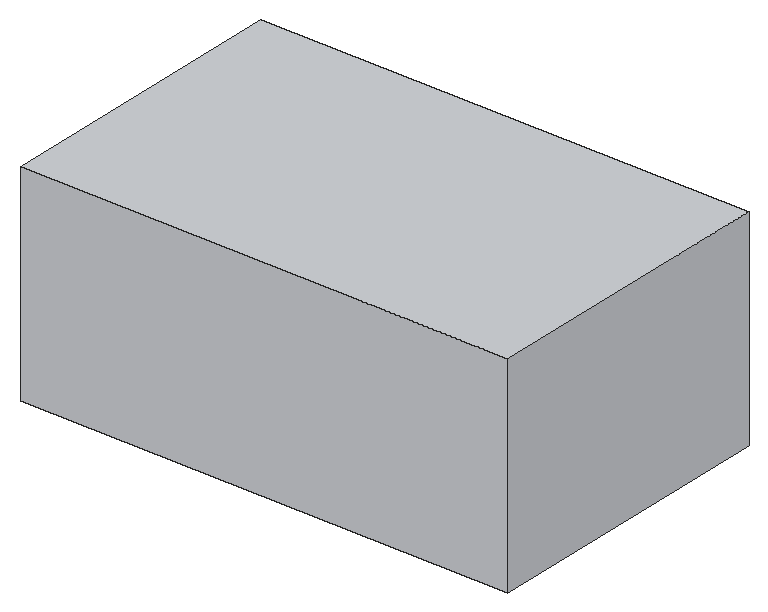
Revit family "Kiste", category Allgemeines Modell, Revit 2017
Family settings
  Kann Basisbauteil für Bewehrung sein = Nein
  Bemaßung runder Anschluss = Durchmesser verwenden
  Teiletyp = Normal
  Arbeitsebenenbasiert = Nein
  Immer vertikal = Ja
  Beim Laden mit Abzugskörper schneiden = Nein
  Gemeinsam genutzt = Nein
  Raumberechnungspunkt = Nein
Parameters
  Länge [instance] = 1788.185 mm
  Höhe [instance] = 768.325 mm
  Breite [instance] = 1099.938 mm
Reference planes
  plane 1 "Mitte (Vorne/hinten)": y = 0
  plane 2: z = 0
  plane 3 "Mitte (Links/rechts)": x = 0
Forms (mm)
  Extrusion 1, solid
    sketch origin (0, 0, 0) x (1, 0, 0) y (0, 1, 0)
      loop
        line (0, -549.969) -> (1788.185, -549.969) -> (1788.185, 549.969) -> (0, 549.969) -> (0, -549.969)
    from 0 to 768.325
Lines and regions (mm)
  reference lines
    curve 1: line (-103.708, 549.969, 0) -> (1896.292, 549.969, 0)
    curve 2: line (-103.708, -549.969, 0) -> (1896.292, -549.969, 0)
    curve 3: line (1788.185, 826.525, 0) -> (1788.185, -973.475, 0)
    curve 4: line (-181.874, 0, 768.325) -> (2138.126, 0, 768.325)
Dimensions and locks
  "Länge": plane 3 "Mitte (Links/rechts)" to curve 3
  "Breite": curve 2 to curve 1
  equal spacing: curve 2, plane 1 "Mitte (Vorne/hinten)", curve 1
  "Höhe": curve 4 to level
  aligned and locked: level to plane 2
  aligned and locked: Extrusion 1 to plane 3 "Mitte (Links/rechts)"
  aligned and locked: Extrusion 1 to curve 1
  aligned and locked: curve 2 to Extrusion 1
  aligned and locked: Extrusion 1 to curve 3
  aligned and locked: Extrusion 1 to curve 4
Automatic sketch dimensions
  Extrusion 1 sketch curve to plane 3 "Mitte (Links/rechts)" = 0 mm
  Extrusion 1 sketch curve to plane 1 "Mitte (Vorne/hinten)" = 549.969 mm
  plane 3 "Mitte (Links/rechts)" to Extrusion 1 sketch curve = 1788.185 mm
  plane 1 "Mitte (Vorne/hinten)" to Extrusion 1 sketch curve = 549.969 mm
  curve 1 to plane 3 "Mitte (Links/rechts)" = 103.708 mm
  curve 2 to plane 3 "Mitte (Links/rechts)" = 103.708 mm
  curve 3 to curve 2 = 108.106 mm
  curve 3 to curve 1 = 108.106 mm
  curve 3 to curve 2 = 423.506 mm
  curve 1 to curve 3 = 276.556 mm
  curve 4 to plane 3 "Mitte (Links/rechts)" = 181.874 mm
  plane 3 "Mitte (Links/rechts)" to curve 4 = 2138.126 mm
